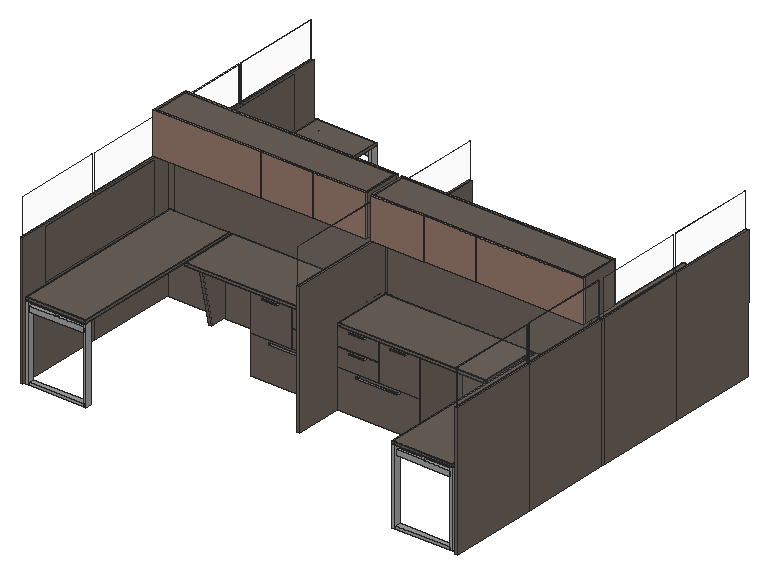
Revit family "OFS TYPICAL S200152", category Furniture, Revit 2022
Family settings
  OmniClass Number = 23.40.20.00
  OmniClass Title = General Furniture and Specialties
  Work Plane-Based = No
  Always vertical = Yes
  Cut with Voids When Loaded = No
  Render Appearance Source = Family Geometry
  Shared = No
  Room Calculation Point = No
Parameters (values of type "S200152")
  URL = "http://ofs.com/"
  Model = "S200152"
  Manufacturer = "OFS"
  Description = "OFS TYPICAL S200152"
  Default Elevation = 0' - 0"
  Copyright © = "©OFS 2024"
  Catalog = ""
  Authoring Version = "Autodesk Revit 2018"
  Assembly Code = "E2020200"
Reference planes (in)
  plane 1 "Center Front/Back": y = 0
  plane 2: z = 0
  plane 3 "Center Left/Right": x = 0
Dimensions and locks (in)
  nested 15 to nested 35 = 13' - 4"
  nested 48 to nested 5 = 11' - 1"
  aligned and locked: level to plane 2
Nested families (in)
  nested 1: "STAKS SUPPORT O LEG" at (-69.62465, -49.375, 0) x (0, 1, 0) z (0, 0, 1), type "STAKS SUPPORT O LEG 22"
  nested 2: "STAKS SUPPORT BASE - PANEL - WALL PANEL" at (-47, -2.62535, 0), type "STAKS SUPPORT WALL PANEL 28 X 12"
  nested 3: "STAKS 15H SHARED ORGANIZER WITH DOORS Two Doors Right" at (-66.80498, 7.83365, 1.5), type "STAKS 15H SHARED ORGANIZER WITH DOORS Two Doors Right 78in W"
    with Height Above Floor 5' - 2 1/2", 2D Symbol Lines yes
  nested 4: "STAKS BENCHING RECTANGULAR WORKSURFACES" at (-62.55498, 0.83365, 0), type "STAKS BENCHING RECTANGULAR WORKSURFACE 54 X 22"
  nested 5: "STAKS BENCHING RECTANGULAR WORKSURFACES" at (-79.83365, -74.55498, 0) x (0, 1, 0) z (0, 0, 1), type "STAKS BENCHING RECTANGULAR WORKSURFACE 66 X 22"
  nested 6: "STAKS WORKSURFACE HEIGHT MULTI FILE PEDESTAL - NO RISER SUPPORT" at (-36.91411, -23.62535, 0), type "STAKS WORKSURFACE HEIGHT MULTI FILE PEDESTAL 30 x 19 Left"
  nested 7: "STAKS SPINE OR DIVIDER WALL 48in" at (-81.83365, -41.55498, 0) x (0, 1, 0) z (0, 0, 1), type "STAKS SPINE OR DIVIDER WALL 48in X 33in"
    with Height Above Floor 4' - 0"
  nested 8: "STAKS SPINE OR DIVIDER WALL 48in" at (-87.55498, 1.83365, 0), type "STAKS SPINE OR DIVIDER WALL 48in X 40in"
    with Height Above Floor 4' - 0"
  nested 9: "STAKS DOUBLE SIDED FROSTED GLASS PRIVACY PANEL" at (-76.74965, -1, 1.875) x (0, 1, 0) z (0, 0, 1), type "STAKS DOUBLE SIDED FROSTED GLASS PRIVACY PANEL 32 x 13"
  nested 10: "STAKS DOUBLE SIDED FROSTED GLASS PRIVACY PANEL" at (2.75035, -4, 1.875) x (0, 1, 0) z (0, 0, 1), type "STAKS DOUBLE SIDED FROSTED GLASS PRIVACY PANEL 39 x 13"
  nested 11: "STAKS FABRIC TACKBOARD FOR SPINE OR DIVIDER WALL" at (-80.83365, -64.58943, 6.04026) x (0, 1, 0) z (0, 0, 1), type "STAKS FABRIC TACKBOARD FOR SPINE OR DIVIDER WALL 18H x 49-73.9375W"
    with Height Above Floor 3' - 5 1/2"
  nested 12: "STAKS FABRIC TACKBOARD FOR SPINE OR DIVIDER WALL" at (-83.55498, 0.83365, 5.66526), type "STAKS FABRIC TACKBOARD FOR SPINE OR DIVIDER WALL 18H x 74-96W"
    with Height Above Floor 3' - 5 1/2"
  nested 13: "STAKS BENCHING CANTILEVER WORKSURFACE BRACKET - MINI CONCEALED" at (-76.12465, 0.25, 0) x (0, 1, 0) z (0, 0, 1), type "STAKS CANTILEVER WORKSURFACE BRACKET - MINI CONCEALED"
  nested 14: "STAKS SPINE OR DIVIDER WALL 48in" at (-2.33365, 6.55498, 0) x (0, -1, 0) z (0, 0, 1), type "STAKS SPINE OR DIVIDER WALL 48in X 39in"
    with Height Above Floor 4' - 0"
  nested 15: "STAKS SPINE OR DIVIDER WALL 48in" at (-81.83365, -26.44502, 0) x (0, -1, 0) z (0, 0, 1), type "STAKS SPINE OR DIVIDER WALL 48in X 33in"
    with Height Above Floor 4' - 0"
  nested 16: "STAKS BENCHING CANTILEVER WORKSURFACE BRACKET - OPEN" at (-19.75, -3.87535, 0), type "CANTILEVER WORKSURFACE BRACKET - OPEN 22in"
  nested 17: "STAKS BENCHING PRESS FIT BRACKET" at (-40.87535, 16, 21) x (0, 1, 0) z (0, 0, 1), type "STAKS BENCHING PRESS FIT BRACKET"
  nested 18: "STAKS BENCHING CANTILEVER WORKSURFACE BRACKET - OPEN" at (-76.12465, -17.5, 0) x (0, 1, 0) z (0, 0, 1), type "CANTILEVER WORKSURFACE BRACKET - OPEN 22in"
  nested 19: "STAKS BENCHING PRESS FIT BRACKET" at (-65.12465, 16, 21) x (0, 1, 0) z (0, 0, 1), type "STAKS BENCHING PRESS FIT BRACKET"
  nested 20: "STAKS BENCHING PRESS FIT BRACKET" at (-12.87535, 16, 21) x (0, 1, 0) z (0, 0, 1), type "STAKS BENCHING PRESS FIT BRACKET"
  nested 21: "STAKS BENCHING CANTILEVER WORKSURFACE BRACKET - MINI CONCEALED" at (-76.12465, -68.25, 0) x (0, -1, 0) z (0, 0, 1), type "STAKS CANTILEVER WORKSURFACE BRACKET - MINI CONCEALED"
  nested 22: "STAKS DOUBLE SIDED FROSTED GLASS PRIVACY PANEL" at (-76.74965, -67, 1.875) x (0, -1, 0) z (0, 0, 1), type "STAKS DOUBLE SIDED FROSTED GLASS PRIVACY PANEL 32 x 13"
  nested 23: "STAKS SPINE OR DIVIDER WALL 48in" at (7.55498, 1.83365, 0) x (-1, 0, 0) z (0, 0, 1), type "STAKS SPINE OR DIVIDER WALL 48in X 40in"
    with Height Above Floor 4' - 0"
  nested 24: "STAKS SUPPORT O LEG" at (69.62465, -49.375, 0) x (0, 1, 0) z (0, 0, 1), type "STAKS SUPPORT O LEG 22"
  nested 25: "STAKS SUPPORT BASE - PANEL - WALL PANEL" at (47, -2.62535, 0) x (-1, 0, 0) z (0, 0, 1), type "STAKS SUPPORT WALL PANEL 28 X 12"
  nested 26: "STAKS BENCHING RECTANGULAR WORKSURFACES" at (62.55498, 0.83365, 0) x (-1, 0, 0) z (0, 0, 1), type "STAKS BENCHING RECTANGULAR WORKSURFACE 54 X 22"
  nested 27: "STAKS BENCHING RECTANGULAR WORKSURFACES" at (79.83365, -74.55498, 0) x (0, 1, 0) z (0, 0, 1), type "STAKS BENCHING RECTANGULAR WORKSURFACE 66 X 22"
  nested 28: "STAKS WORKSURFACE HEIGHT MULTI FILE PEDESTAL - NO RISER SUPPORT" at (36.91411, -23.62535, 0) x (-1, 0, 0) z (0, 0, 1), type "STAKS WORKSURFACE HEIGHT MULTI FILE PEDESTAL 30 x 19 Left"
  nested 29: "STAKS SPINE OR DIVIDER WALL 48in" at (81.83365, -41.55498, 0) x (0, 1, 0) z (0, 0, 1), type "STAKS SPINE OR DIVIDER WALL 48in X 33in"
    with Height Above Floor 4' - 0"
  nested 30: "STAKS SPINE OR DIVIDER WALL 48in" at (87.55498, 1.83365, 0) x (-1, 0, 0) z (0, 0, 1), type "STAKS SPINE OR DIVIDER WALL 48in X 40in"
    with Height Above Floor 4' - 0"
  nested 31: "STAKS DOUBLE SIDED FROSTED GLASS PRIVACY PANEL" at (76.74965, -1, 1.875) x (0, 1, 0) z (0, 0, 1), type "STAKS DOUBLE SIDED FROSTED GLASS PRIVACY PANEL 32 x 13"
  nested 32: "STAKS FABRIC TACKBOARD FOR SPINE OR DIVIDER WALL" at (80.83365, -64.58943, 6.04026) x (0, 1, 0) z (0, 0, 1), type "STAKS FABRIC TACKBOARD FOR SPINE OR DIVIDER WALL 18H x 49-73.9375W"
    with Height Above Floor 3' - 5 1/2"
  nested 33: "STAKS FABRIC TACKBOARD FOR SPINE OR DIVIDER WALL" at (83.55498, 0.83365, 5.66526) x (-1, 0, 0) z (0, 0, 1), type "STAKS FABRIC TACKBOARD FOR SPINE OR DIVIDER WALL 18H x 74-96W"
    with Height Above Floor 3' - 5 1/2"
  nested 34: "STAKS BENCHING CANTILEVER WORKSURFACE BRACKET - MINI CONCEALED" at (76.12465, 0.25, 0) x (0, 1, 0) z (0, 0, 1), type "STAKS CANTILEVER WORKSURFACE BRACKET - MINI CONCEALED"
  nested 35: "STAKS SPINE OR DIVIDER WALL 48in" at (81.83365, -26.44502, 0) x (0, -1, 0) z (0, 0, 1), type "STAKS SPINE OR DIVIDER WALL 48in X 33in"
    with Height Above Floor 4' - 0"
  nested 36: "STAKS BENCHING CANTILEVER WORKSURFACE BRACKET - OPEN" at (19.75, -3.87535, 0) x (-1, 0, 0) z (0, 0, 1), type "CANTILEVER WORKSURFACE BRACKET - OPEN 22in"
  nested 37: "STAKS BENCHING PRESS FIT BRACKET" at (40.87535, 16, 21) x (0, 1, 0) z (0, 0, 1), type "STAKS BENCHING PRESS FIT BRACKET"
  nested 38: "STAKS BENCHING CANTILEVER WORKSURFACE BRACKET - OPEN" at (76.12465, -17.5, 0) x (0, 1, 0) z (0, 0, 1), type "CANTILEVER WORKSURFACE BRACKET - OPEN 22in"
  nested 39: "STAKS BENCHING PRESS FIT BRACKET" at (65.12465, 16, 21) x (0, 1, 0) z (0, 0, 1), type "STAKS BENCHING PRESS FIT BRACKET"
  nested 40: "STAKS BENCHING PRESS FIT BRACKET" at (12.87535, 16, 21) x (0, 1, 0) z (0, 0, 1), type "STAKS BENCHING PRESS FIT BRACKET"
  nested 41: "STAKS BENCHING CANTILEVER WORKSURFACE BRACKET - MINI CONCEALED" at (76.12465, -68.25, 0) x (0, -1, 0) z (0, 0, 1), type "STAKS CANTILEVER WORKSURFACE BRACKET - MINI CONCEALED"
  nested 42: "STAKS DOUBLE SIDED FROSTED GLASS PRIVACY PANEL" at (76.74965, -67, 1.875) x (0, -1, 0) z (0, 0, 1), type "STAKS DOUBLE SIDED FROSTED GLASS PRIVACY PANEL 32 x 13"
  nested 43: "STAKS SPINE OR DIVIDER WALL 48in" at (-7.55498, 1.83365, 0), type "STAKS SPINE OR DIVIDER WALL 48in X 40in"
    with Height Above Floor 4' - 0"
  nested 44: "STAKS 15H SHARED ORGANIZER WITH DOORS Two Doors Right" at (66.80498, 7.83365, 1.5) x (-1, 0, 0) z (0, 0, 1), type "STAKS 15H SHARED ORGANIZER WITH DOORS Two Doors Right 78in W"
    with Height Above Floor 5' - 2 1/2", 2D Symbol Lines yes
  nested 45: "STAKS SUPPORT O LEG" at (-69.62465, 48.375, 0) x (0, -1, 0) z (0, 0, 1), type "STAKS SUPPORT O LEG 22"
  nested 46: "STAKS SUPPORT BASE - PANEL - WALL PANEL" at (-47, 1.62535, 0), type "STAKS SUPPORT WALL PANEL 28 X 12"
  nested 47: "STAKS BENCHING RECTANGULAR WORKSURFACES" at (-62.55498, -1.83365, 0), type "STAKS BENCHING RECTANGULAR WORKSURFACE 54 X 22"
  nested 48: "STAKS BENCHING RECTANGULAR WORKSURFACES" at (-79.83365, 73.55498, 0) x (0, -1, 0) z (0, 0, 1), type "STAKS BENCHING RECTANGULAR WORKSURFACE 66 X 22"
  nested 49: "STAKS WORKSURFACE HEIGHT MULTI FILE PEDESTAL - NO RISER SUPPORT" at (-36.91411, 22.62535, 0), type "STAKS WORKSURFACE HEIGHT MULTI FILE PEDESTAL 30 x 19 Left"
  nested 50: "STAKS SPINE OR DIVIDER WALL 48in" at (-81.83365, 40.55498, 0) x (0, -1, 0) z (0, 0, 1), type "STAKS SPINE OR DIVIDER WALL 48in X 33in"
    with Height Above Floor 4' - 0"
  nested 51: "STAKS DOUBLE SIDED FROSTED GLASS PRIVACY PANEL" at (-76.74965, 0, 1.875) x (0, -1, 0) z (0, 0, 1), type "STAKS DOUBLE SIDED FROSTED GLASS PRIVACY PANEL 32 x 13"
  nested 52: "STAKS DOUBLE SIDED FROSTED GLASS PRIVACY PANEL" at (2.75035, 3, 1.875) x (0, -1, 0) z (0, 0, 1), type "STAKS DOUBLE SIDED FROSTED GLASS PRIVACY PANEL 39 x 13"
  nested 53: "STAKS FABRIC TACKBOARD FOR SPINE OR DIVIDER WALL" at (-80.83365, 63.58943, 6.04026) x (0, -1, 0) z (0, 0, 1), type "STAKS FABRIC TACKBOARD FOR SPINE OR DIVIDER WALL 18H x 49-73.9375W"
    with Height Above Floor 3' - 5 1/2"
  nested 54: "STAKS BENCHING CANTILEVER WORKSURFACE BRACKET - MINI CONCEALED" at (-76.12465, -1.25, 0) x (0, -1, 0) z (0, 0, 1), type "STAKS CANTILEVER WORKSURFACE BRACKET - MINI CONCEALED"
  nested 55: "STAKS SPINE OR DIVIDER WALL 48in" at (-2.33365, -7.55498, 0) x (0, 1, 0) z (0, 0, 1), type "STAKS SPINE OR DIVIDER WALL 48in X 39in"
    with Height Above Floor 4' - 0"
  nested 56: "STAKS SPINE OR DIVIDER WALL 48in" at (-81.83365, 25.44502, 0) x (0, 1, 0) z (0, 0, 1), type "STAKS SPINE OR DIVIDER WALL 48in X 33in"
    with Height Above Floor 4' - 0"
  nested 57: "STAKS BENCHING CANTILEVER WORKSURFACE BRACKET - OPEN" at (-19.75, 2.87535, 0), type "CANTILEVER WORKSURFACE BRACKET - OPEN 22in"
  nested 58: "STAKS BENCHING CANTILEVER WORKSURFACE BRACKET - OPEN" at (-76.12465, 16.5, 0) x (0, -1, 0) z (0, 0, 1), type "CANTILEVER WORKSURFACE BRACKET - OPEN 22in"
  nested 59: "STAKS BENCHING CANTILEVER WORKSURFACE BRACKET - MINI CONCEALED" at (-76.12465, 67.25, 0) x (0, 1, 0) z (0, 0, 1), type "STAKS CANTILEVER WORKSURFACE BRACKET - MINI CONCEALED"
  nested 60: "STAKS DOUBLE SIDED FROSTED GLASS PRIVACY PANEL" at (-76.74965, 66, 1.875) x (0, 1, 0) z (0, 0, 1), type "STAKS DOUBLE SIDED FROSTED GLASS PRIVACY PANEL 32 x 13"
  nested 61: "STAKS SUPPORT O LEG" at (69.62465, 48.375, 0) x (0, -1, 0) z (0, 0, 1), type "STAKS SUPPORT O LEG 22"
  nested 62: "STAKS SUPPORT BASE - PANEL - WALL PANEL" at (47, 1.62535, 0) x (-1, 0, 0) z (0, 0, 1), type "STAKS SUPPORT WALL PANEL 28 X 12"
  nested 63: "STAKS BENCHING RECTANGULAR WORKSURFACES" at (62.55498, -1.83365, 0) x (-1, 0, 0) z (0, 0, 1), type "STAKS BENCHING RECTANGULAR WORKSURFACE 54 X 22"
  nested 64: "STAKS BENCHING RECTANGULAR WORKSURFACES" at (79.83365, 73.55498, 0) x (0, -1, 0) z (0, 0, 1), type "STAKS BENCHING RECTANGULAR WORKSURFACE 66 X 22"
  nested 65: "STAKS WORKSURFACE HEIGHT MULTI FILE PEDESTAL - NO RISER SUPPORT" at (36.91411, 22.62535, 0) x (-1, 0, 0) z (0, 0, 1), type "STAKS WORKSURFACE HEIGHT MULTI FILE PEDESTAL 30 x 19 Left"
  nested 66: "STAKS SPINE OR DIVIDER WALL 48in" at (81.83365, 40.55498, 0) x (0, -1, 0) z (0, 0, 1), type "STAKS SPINE OR DIVIDER WALL 48in X 33in"
    with Height Above Floor 4' - 0"
  nested 67: "STAKS DOUBLE SIDED FROSTED GLASS PRIVACY PANEL" at (76.74965, 0, 1.875) x (0, -1, 0) z (0, 0, 1), type "STAKS DOUBLE SIDED FROSTED GLASS PRIVACY PANEL 32 x 13"
  nested 68: "STAKS FABRIC TACKBOARD FOR SPINE OR DIVIDER WALL" at (80.83365, 63.58943, 6.04026) x (0, -1, 0) z (0, 0, 1), type "STAKS FABRIC TACKBOARD FOR SPINE OR DIVIDER WALL 18H x 49-73.9375W"
    with Height Above Floor 3' - 5 1/2"
  nested 69: "STAKS BENCHING CANTILEVER WORKSURFACE BRACKET - MINI CONCEALED" at (76.12465, -1.25, 0) x (0, -1, 0) z (0, 0, 1), type "STAKS CANTILEVER WORKSURFACE BRACKET - MINI CONCEALED"
  nested 70: "STAKS SPINE OR DIVIDER WALL 48in" at (81.83365, 25.44502, 0) x (0, 1, 0) z (0, 0, 1), type "STAKS SPINE OR DIVIDER WALL 48in X 33in"
    with Height Above Floor 4' - 0"
  nested 71: "STAKS BENCHING CANTILEVER WORKSURFACE BRACKET - OPEN" at (19.75, 2.87535, 0) x (-1, 0, 0) z (0, 0, 1), type "CANTILEVER WORKSURFACE BRACKET - OPEN 22in"
  nested 72: "STAKS BENCHING CANTILEVER WORKSURFACE BRACKET - OPEN" at (76.12465, 16.5, 0) x (0, -1, 0) z (0, 0, 1), type "CANTILEVER WORKSURFACE BRACKET - OPEN 22in"
  nested 73: "STAKS BENCHING CANTILEVER WORKSURFACE BRACKET - MINI CONCEALED" at (76.12465, 67.25, 0) x (0, 1, 0) z (0, 0, 1), type "STAKS CANTILEVER WORKSURFACE BRACKET - MINI CONCEALED"
  nested 74: "STAKS DOUBLE SIDED FROSTED GLASS PRIVACY PANEL" at (76.74965, 66, 1.875) x (0, 1, 0) z (0, 0, 1), type "STAKS DOUBLE SIDED FROSTED GLASS PRIVACY PANEL 32 x 13"
  nested 75: "STAKS FABRIC TACKBOARD FOR SPINE OR DIVIDER WALL" at (-83.55498, -1.83365, 5.66526), type "STAKS FABRIC TACKBOARD FOR SPINE OR DIVIDER WALL 18H x 74-96W"
    with Height Above Floor 3' - 5 1/2"
  nested 76: "STAKS FABRIC TACKBOARD FOR SPINE OR DIVIDER WALL" at (83.55498, -1.83365, 5.66526) x (-1, 0, 0) z (0, 0, 1), type "STAKS FABRIC TACKBOARD FOR SPINE OR DIVIDER WALL 18H x 74-96W"
    with Height Above Floor 3' - 5 1/2"
Definition of nested family "STAKS SUPPORT O LEG"
  Parameters (values of type "STAKS SUPPORT O LEG 36")
    URL = "http://www.ofs.com/"
    Width = 3' - 0"
    PANEL INSERT = no
    Model = "6-36OB1"
    Manufacturer = "OFS"
    Description = "OFS STAKS SUPPORT O LEG 36\" Width, Use with 36\"D Worksurface (set of two)"
    Default Elevation = 0' - 0"
    Copyright © = "© 2018 OFS"
    Catalog = "https://ofs.com/products/casegoods/private-office/staks"
    Authoring Version = "Autodesk Revit Architecture 2013"
    Assembly Code = "E2020200"
  Types (6): name | Width | PANEL INSERT | Model | Description
    STAKS SUPPORT O LEG 22 | 1' - 10" | no | "6-22OB2" | "OFS STAKS SUPPORT O LEG 22\" Width, Use with 22\"D Worksurface (set of two)"
    STAKS SUPPORT O LEG 30 | 2' - 6" | no | "6-30OB2" | "OFS STAKS SUPPORT O LEG 30\" Width, Use with 30\"D Worksurface (set of two)"
    STAKS SUPPORT O LEG 36 | 3' - 0" | no | "6-36OB1" | "OFS STAKS SUPPORT O LEG 36\" Width, Use with 36\"D Worksurface (set of two)"
    STAKS SUPPORT WITH PANEL INSERT O LEG 22 | 1' - 10" | yes | "6-22OBP2" | "OFS STAKS SUPPORT WITH PANEL INSERT O LEG 22\" Width, Use with 22\"D Worksurface (set of two)"
    STAKS SUPPORT WITH PANEL INSERT O LEG 30 | 2' - 6" | yes | "6-30OBP2" | "OFS STAKS SUPPORT WITH PANEL INSERT O LEG 30\" Width, Use with 30\"D Worksurface (set of two)"
    STAKS SUPPORT WITH PANEL INSERT O LEG 36 | 3' - 0" | yes | "6-36OBP1" | "OFS STAKS SUPPORT WITH PANEL INSERT O LEG 36\" Width, Use with 36\"D Worksurface (single base)"
  Reference planes (in)
    plane 1: z = 0
    plane 2 "Center (Front/Back)": y = -2.62465
    plane 3 "Center (Left/Right)": x = -17.5
    plane 4 "H LEG TOP": z = 27.875
    plane 5: x = -15.5
    plane 6: x = -13.5
    plane 7: y = -20.62465
    plane 8: y = 15.37535
    plane 9: z = 27.681
    plane 10: y = 14.37535
    plane 11: y = -19.62465
    plane 12: z = 26.306
    plane 13: z = 24.306
    plane 14 "CENTER": x = -16.5
    plane 15: z = 25.556
    plane 16: z = 0.25
    plane 17: y = -20.12465
    plane 18: y = 14.87535
    plane 19: y = -18.56165
    plane 20: y = 13.31235
  Forms (in)
    Extrusion 1, solid
      sketch origin (0, 0, 27.875) x (0, -1, 0) y (1, 0, 0)
        loop
          line (-15.37535, -15.5) -> (-15.37535, -17.5) -> (20.62465, -17.5) -> (20.62465, -15.5) -> (19.47015, -13.5) -> (-14.22085, -13.5) -> (-15.37535, -15.5)
      from -0.194 to 0
    Extrusion 2, solid
      sketch origin (0, 0, 27.875) x (0, -1, 0) y (1, 0, 0)
        loop
          line (-14.37535, -15.5) -> (-15.37535, -15.5) -> (-15.37535, -17.5) -> (-14.37535, -17.5) -> (-14.37535, -15.5)
      from -27.625 to -0.194
    Extrusion 3, solid
      sketch origin (0, 0, 27.875) x (0, -1, 0) y (1, 0, 0)
        loop
          line (19.62465, -17.5) -> (20.62465, -17.5) -> (20.62465, -15.5) -> (19.62465, -15.5) -> (19.62465, -17.5)
      from -27.625 to -0.194
    Extrusion 4, solid
      sketch origin (0.186, -1.24965, 0.5) x (1, 0, 0) y (0, 0, 1)
        loop
          line (-16.5, 25.806) -> (-17.5, 25.806) -> (-17.5, 23.806) -> (-16.5, 23.806) -> (-16.5, 25.806)
      from -15.625 to 18.375
    Revolve 5, solid
      sketch origin (-16.5, 0, 0) x (0, 1, 0) y (0, 0, 1)
        loop
          line (-20.12465, 0.25) -> (-20.37465, 0.25)
          arc (-20.37465, 0.25) -> (-20.49965, 0.125) -> (-20.37465, 0) r 0.125
          line (-20.37465, 0) -> (-20.12465, 0) -> (-20.12465, 0.25)
        axis (-20.12465, 0.25) -> (-20.12465, 0)
      angle from 0 to 360
    Revolve 6, solid
      sketch origin (-16.5, -5.2493, 0) x (0, -1, 0) y (0, 0, 1)
        loop
          line (-20.12465, 0.25) -> (-20.37465, 0.25)
          arc (-20.37465, 0.25) -> (-20.49965, 0.125) -> (-20.37465, 0) r 0.125
          line (-20.37465, 0) -> (-20.12465, 0) -> (-20.12465, 0.25)
        axis (-20.12465, 0.25) -> (-20.12465, 0)
      angle from 0 to 360
    Extrusion 7, solid
      sketch origin (0, 0, 27.875) x (0, -1, 0) y (1, 0, 0)
        loop
          line (3.21465, -16.6565) -> (2.03465, -16.6565) -> (2.03465, -16.9715) -> (3.21465, -16.9715) -> (3.21465, -16.6565)
      from -1.569 to -0.194
    Extrusion 8, solid
      sketch origin (0, -2.62465, 0) x (1, 0, 0) y (0, 0, 1)
        loop
          line (-15.5, 27.601) -> (-15.21046, 26.95067)
          arc (-15.21046, 26.95067) -> (-15.12453, 26.89491) -> (-15.03867, 26.95076) r 0.094
          line (-15.03867, 26.95076) -> (-14.75, 27.601) -> (-14.125, 27.601) -> (-14.125, 27.681) -> (-14.80201, 27.681) -> (-15.12453, 26.95451) -> (-15.44799, 27.681) -> (-16.125, 27.681) -> (-16.125, 27.601) -> (-15.5, 27.601)
      from -15.937 to 15.937
    Extrusion 9, solid
      sketch origin (8.306, -1.24965, 17.75) x (0, 0, 1) y (-1, 0, 0)
        loop
          line (-16.5, 25.806) -> (-17.5, 25.806) -> (-17.5, 23.806) -> (-16.5, 23.806) -> (-16.5, 25.806)
      from -15.625 to 18.375
    Extrusion 10, solid, visible <- "PANEL INSERT"
      sketch origin (-33, -1.24965, 0) x (-1, 0, 0) y (0, 0, -1)
        loop
          line (-15.75, -24.306) -> (-15.75, -1.25) -> (-16.5, -1.25) -> (-16.5, -24.306) -> (-15.75, -24.306)
      from -15.625 to 18.375
  Lines and regions (in)
    Masking region 1
      outline origin (0, 0, 27.875) x (0, -1, 0) y (1, 0, 0)
        loop
          line (20.62465, -15.5) -> (19.47015, -13.5) -> (-14.22085, -13.5) -> (-15.37535, -15.5) -> (-15.37535, -17.5) -> (20.62465, -17.5) -> (20.62465, -15.5)
    Masking region 2
      outline origin (0, 0, 27.875) x (0, -1, 0) y (1, 0, 0)
        loop
          line (-14.37535, -15.5) -> (-15.37535, -15.5) -> (-15.37535, -17.5) -> (-14.37535, -17.5) -> (-14.37535, -15.5)
    Masking region 3
      outline origin (0, 0, 27.875) x (0, -1, 0) y (1, 0, 0)
        loop
          line (20.62465, -15.5) -> (19.62465, -15.5) -> (19.62465, -17.5) -> (20.62465, -17.5) -> (20.62465, -15.5)
  Dimensions and locks (in)
    plane 3 "Center (Left/Right)" to plane 5 to plane 6 = 0' - 2" locked, 0' - 2" locked
    equal spacing: plane 7, plane 2 "Center (Front/Back)", plane 8
    "Width": plane 7 to plane 8
    locked: plane 4 "H LEG TOP" to plane 9 at 0.194
    locked: plane 9 to plane 12 at 1.375
    locked: plane 12 to plane 13 at 2
    locked: plane 9 to plane 15 at 2.125
    locked: plane 4 "H LEG TOP" to plane 1 at 27.875
    locked: plane 16 to plane 1 at 0.25
    plane 7 to plane 17 to plane 11 to plane 19 = 0' - 0 1/2" locked, 0' - 0 1/2" locked, 0' - 1.063" locked
    plane 20 to plane 10 to plane 18 to plane 8 = 0' - 1.063" locked, 0' - 0 1/2" locked, 0' - 0 1/2" locked
    aligned and locked: level to plane 1
    aligned and locked: plane 9 to Extrusion 1
    aligned and locked: Extrusion 1 to plane 4 "H LEG TOP"
    aligned and locked: Extrusion 1 to plane 8
    aligned and locked: plane 7 to Extrusion 1
    aligned and locked: Extrusion 1 sketch curve to plane 3 "Center (Left/Right)"
    aligned and locked: Extrusion 1 sketch curve to plane 8
    aligned and locked: Extrusion 1 sketch curve to plane 6
    aligned and locked: plane 7 to Extrusion 1 sketch curve
    aligned: Extrusion 3 to plane 1
    aligned and locked: Extrusion 3 to plane 9
    aligned and locked: Extrusion 2 to plane 9
    aligned: Extrusion 2 to plane 1
    aligned and locked: Extrusion 2 sketch curve to plane 8
    aligned and locked: plane 5 to Extrusion 2 sketch curve
    aligned and locked: Extrusion 2 sketch curve to plane 3 "Center (Left/Right)"
    aligned and locked: plane 10 to Extrusion 2 sketch curve
    aligned and locked: plane 7 to Extrusion 3 sketch curve
    aligned and locked: plane 5 to Extrusion 3 sketch curve
    aligned and locked: Extrusion 3 sketch curve to plane 11
    aligned and locked: Extrusion 3 sketch curve to plane 3 "Center (Left/Right)"
    aligned and locked: Extrusion 4 sketch curve to plane 12
    aligned and locked: plane 13 to Extrusion 4 sketch curve
    aligned: Extrusion 4 sketch curve to plane 3 "Center (Left/Right)"
    aligned: plane 14 "CENTER" to Extrusion 4 sketch curve
    aligned and locked: Extrusion 4 to plane 10
    aligned and locked: plane 11 to Extrusion 4
    aligned and locked: plane 16 to Extrusion 2
    aligned and locked: plane 16 to Extrusion 3
    aligned and locked: Revolve 5 sketch curve to plane 17
    aligned and locked: Revolve 5 sketch curve to plane 16
    aligned and locked: Extrusion 7 to plane 9
    aligned and locked: plane 12 to Extrusion 7
    aligned and locked: Extrusion 8 to plane 20
    aligned and locked: plane 19 to Extrusion 8
    aligned and locked: plane 11 to Extrusion 9
    aligned and locked: Extrusion 9 to plane 10
    aligned and locked: Extrusion 10 to plane 10
    aligned and locked: plane 11 to Extrusion 10
  Automatic sketch dimensions
    Extrusion 1 sketch curve to plane 5 = 0' - 0"  (x2)
    plane 10 to Extrusion 1 sketch curve = 0' - 0.1545"
    Extrusion 1 sketch curve to plane 11 = 0' - 0.1545"
    Masking region 1 sketch curve to plane 5 = 0' - 0"  (x2)
    plane 8 to Masking region 1 sketch curve = 0' - 0"
    Masking region 1 sketch curve to plane 6 = 0' - 0"
    plane 7 to Masking region 1 sketch curve = 0' - 0"
    Masking region 1 sketch curve to plane 3 "Center (Left/Right)" = 0' - 0"
    plane 10 to Masking region 1 sketch curve = 0' - 0.1545"
    Masking region 1 sketch curve to plane 11 = 0' - 0.1545"
    Masking region 2 sketch curve to plane 5 = 0' - 0"
    plane 8 to Masking region 2 sketch curve = 0' - 0"
    Masking region 2 sketch curve to plane 3 "Center (Left/Right)" = 0' - 0"
    plane 10 to Masking region 2 sketch curve = 0' - 0"
    Masking region 3 sketch curve to plane 5 = 0' - 0"
    plane 11 to Masking region 3 sketch curve = 0' - 0"
    Masking region 3 sketch curve to plane 3 "Center (Left/Right)" = 0' - 0"
    plane 7 to Masking region 3 sketch curve = 0' - 0"
    plane 3 "Center (Left/Right)" to Extrusion 4 sketch curve = 0' - 0.186"
    plane 14 "CENTER" to Extrusion 4 sketch curve = 0' - 0.186"
    Revolve 5 sketch curve to level = 0' - 0"  (x2)
    Revolve 5 sketch curve to plane 7 = 0' - 0 1/4"
    Revolve 5 sketch curve to plane 17 = 0' - 0"
    plane 16 to Revolve 5 sketch curve = 0' - 0"
    Revolve 6 sketch curve to level = 0' - 0"  (x2)
    plane 16 to Revolve 6 sketch curve = 0' - 0"  (x2)
    Revolve 6 sketch curve to plane 18 = 0' - 0"  (x2)
    Revolve 6 sketch curve to plane 8 = 0' - 0 1/4"
    Extrusion 7 sketch curve to plane 14 "CENTER" = 0' - 0.1565"
    Extrusion 7 sketch curve to plane 2 "Center (Front/Back)" = 0' - 0.59"
    Extrusion 7 sketch curve to plane 14 "CENTER" = 0' - 0.4715"
    plane 2 "Center (Front/Back)" to Extrusion 7 sketch curve = 0' - 0.59"
    Extrusion 8 sketch curve to plane 9 = 0' - 0"  (x2)
    Extrusion 8 sketch curve to plane 5 = 0' - 0"
    plane 5 to Extrusion 8 sketch curve = 0' - 0.28954"
    Extrusion 8 sketch curve to plane 12 = 0' - 0.64467"
    plane 14 "CENTER" to Extrusion 8 sketch curve = 0' - 0 3/8"
    plane 5 to Extrusion 8 sketch curve = 0' - 0.05201"
    Extrusion 8 sketch curve to Extrusion 8 sketch curve = 0' - 0 11/128"
    Extrusion 8 sketch curve to Extrusion 8 sketch curve = 0' - 0.08587"
    Extrusion 8 sketch curve to Extrusion 8 sketch curve = 0' - 0.64597"
    plane 9 to Extrusion 8 sketch curve = 0' - 0.08"
    Extrusion 8 sketch curve to Extrusion 8 sketch curve = 0' - 0.05201"
    Extrusion 8 sketch curve to plane 6 = 0' - 0 5/8"
    Extrusion 8 sketch curve to Extrusion 8 sketch curve = 0' - 0.00005"
    Extrusion 8 sketch curve to Extrusion 8 sketch curve = 0' - 0.00009"
    Extrusion 8 sketch curve to Extrusion 8 sketch curve = 0' - 0.03439"
    Extrusion 8 sketch curve to Extrusion 8 sketch curve = 0' - 0.08"
    Extrusion 9 sketch curve to plane 3 "Center (Left/Right)" = 0' - 0"
    Extrusion 9 sketch curve to plane 16 = 0' - 0"
    Extrusion 9 sketch curve to plane 5 = 0' - 0"
    Extrusion 9 sketch curve to Extrusion 9 sketch curve = 0' - 1"
    Extrusion 10 sketch curve to plane 13 = 0' - 0"
    Extrusion 10 sketch curve to plane 14 "CENTER" = 0' - 0"
    plane 3 "Center (Left/Right)" to Extrusion 10 sketch curve = 0' - 0 1/4"
    Extrusion 10 sketch curve to plane 16 = 0' - 1"
Definition of nested family "STAKS SUPPORT BASE - PANEL - WALL PANEL"
  Parameters (values of type "STAKS SUPPORT BASE 21 X 12")
    Width [instance] = 1' - 0"
    WALL SUPPORT = no
    URL = "http://www.ofs.com"
    SUPPORT PANEL = no
    SUPPORT BASE = yes
    Model = "6-2112SB"
    Manufacturer = "OFS"
    Height = 1' - 9 7/8"
    Description = "OFS STAKS SUPPORT BASE 21 X12, Base Supports 22\"D Worksurfaces"
    Depth = 1' - 0"
    Default Elevation = 0' - 0"
    Copyright © = "©OFS 2018"
    Catalog = "https://ofs.com/products/casegoods/private-office/staks"
    Authoring Version = "Autodesk Revit Architecture 2013"
    Assembly Code = "E2020200"
  Types (7): name | WALL SUPPORT | SUPPORT PANEL | SUPPORT BASE | Model | Height | Description | Depth
    STAKS SUPPORT PANEL 28 X 12 | no | yes | no | "6-2812SP" | 2' - 3 7/8" | "OFS STAKS SUPPORT PANEL 28 X 12, End Panel Supports 22\"D Worksurfaces" | 1' - 0"
    STAKS SUPPORT BASE 28 X 12 | no | no | yes | "6-2812SB" | 2' - 3 7/8" | "OFS STAKS SUPPORT BASE 28 X12, Base Supports 22\"D Worksurfaces" | 1' - 0"
    STAKS SUPPORT WALL PANEL 28 X 12 | yes | no | no | "6-2812SWPS" | 2' - 3 3/8" | "OFS STAKS SUPPORT WALL PANEL 28 X12, Provides Support for Worksurface in Conjunction with Cantilevers and Stabilizes Wall Panels" | 1' - 0"
    STAKS SUPPORT BASE 21 X 12 | no | no | yes | "6-2112SB" | 1' - 9 7/8" | "OFS STAKS SUPPORT BASE 21 X12, Base Supports 22\"D Worksurfaces" | 1' - 0"
    STAKS SUPPORT BASE 28 X 18 | no | no | yes | "6-2818SB" | 2' - 3 7/8" | "OFS STAKS SUPPORT BASE 28 X18, Base Supports 30\"D Worksurfaces" | 1' - 6"
    STAKS SUPPORT PANEL 21 X 12 | no | yes | no | "6-2112SP" | 1' - 9 7/8" | "OFS STAKS SUPPORT PANEL 21 X 12, End Panel Supports 22\"D Worksurfaces" | 1' - 0"
    STAKS SUPPORT PANEL 28 X 18 | no | yes | no | "6-2818SP" | 2' - 3 7/8" | "OFS STAKS SUPPORT PANEL 28 X 18, End Panel Supports 30\"D Worksurfaces" | 1' - 6"
  Reference planes (in)
    plane 1: z = 0
    plane 2 "Left": x = -12
    plane 3 "Back": y = 1.62535
    plane 4 "PANELL TOP": z = 21.875
    plane 5 "RIGHT": x = -11
    plane 6: y = -10.37465
    plane 7: y = 0.62535
    plane 8: x = -5.5
    plane 9: x = -17.5
  Forms (in)
    Extrusion 1, solid, visible <- "SUPPORT PANEL"
      sketch origin (-7.62535, -10.37465, -0.18015) x (1, 0, 0) y (0, 0, 1)
        loop
          line (-4.37465, 22.05515) -> (-4.37465, 0.18015) -> (-3.37465, 0.18015) -> (-3.37465, 22.05515) -> (-4.37465, 22.05515)
      from -12 to 0
    Extrusion 2, solid, visible <- "SUPPORT BASE"
      sketch origin (-5.5, 5, -0.18015) x (0, 1, 0) y (0, 0, 1)
        loop
          line (-4.37465, 22.05515) -> (-4.37465, 0.18015) -> (-3.37465, 0.18015) -> (-3.37465, 22.05515) -> (-4.37465, 22.05515)
      from -12 to 0
    Extrusion 3, solid, visible <- "SUPPORT BASE"
      sketch origin (3.37465, -10.37465, -0.18015) x (1, 0, 0) y (0, 0, 1)
        loop
          line (-15.37465, 22.05515) -> (-15.37465, 0.18015) -> (-14.37465, 0.18015) -> (-14.37465, 22.05515) -> (-15.37465, 22.05515)
      from -11 to 0
    Extrusion 4, solid, visible <- "WALL SUPPORT"
      sketch origin (-12, 0, 0) x (0, 1, 0) y (0, 0, 1)
        loop
          line (1.62535, 0) -> (1.62535, 20.375) -> (0.12535, 21.875) -> (-0.37465, 21.875) -> (-0.37465, 19.285) -> (-3.43765, 19.285) -> (-3.43765, 21.875) -> (-10.37465, 21.875) -> (-4.43765, 0) -> (1.62535, 0)
      from 0 to 1
  Lines and regions (in)
    Masking region 1, visible <- "SUPPORT PANEL"
      outline origin (-12.62535, -10.37465, 0) x (0, -1, 0) y (1, 0, 0)
        loop
          line (-12, 1.62535) -> (-12, 0.62535) -> (0, 0.62535) -> (0, 1.62535) -> (-12, 1.62535)
    Masking region 2, visible <- "SUPPORT BASE"
      outline origin (-5.5, 0, 0) x (1, 0, 0) y (0, 1, 0)
        loop
          line (-12, 1.62535) -> (-12, 0.62535) -> (0, 0.62535) -> (0, 1.62535) -> (-12, 1.62535)
    Masking region 3, visible <- "SUPPORT BASE"
      outline origin (-1.62535, -10.37465, 0) x (0, -1, 0) y (1, 0, 0)
        loop
          line (-11, -9.37465) -> (-11, -10.37465) -> (0, -10.37465) -> (0, -9.37465) -> (-11, -9.37465)
    Masking region 4, visible <- "WALL SUPPORT"
      outline origin (0, 0, 0) x (1, 0, 0) y (0, 1, 0)
        loop
          line (-11, 1.62535) -> (-12, 1.62535) -> (-12, -10.37465) -> (-11, -10.37465) -> (-11, 1.62535)
  Dimensions and locks (in)
    "Height": plane 4 "PANELL TOP" to plane 1
    locked: plane 2 "Left" to plane 5 "RIGHT" at 1
    "Depth": plane 6 to plane 3 "Back"
    locked: plane 7 to plane 3 "Back" at 1
    locked: plane 9 to plane 2 "Left" at 5.5
    locked: plane 5 "RIGHT" to plane 8 at 5.5
    "Width": plane 9 to plane 8
    aligned: Extrusion 1 to plane 2 "Left"
    aligned: Extrusion 1 to plane 1
    aligned and locked: level to plane 1
    aligned: Extrusion 1 to plane 4 "PANELL TOP"
    aligned: Extrusion 1 to plane 3 "Back"
    aligned and locked: plane 6 to Extrusion 1
    aligned and locked: plane 6 to Masking region 1
    aligned and locked: Extrusion 3 to plane 7
    aligned and locked: Masking region 3 to plane 7
    aligned and locked: plane 6 to Extrusion 3
    aligned and locked: plane 6 to Masking region 3
    aligned and locked: Extrusion 1 to plane 6  (x2)
    aligned and locked: plane 7 to Extrusion 2
    aligned and locked: plane 7 to Masking region 2
    aligned and locked: Masking region 2 to plane 3 "Back"
    aligned and locked: Extrusion 2 to plane 3 "Back"
    aligned and locked: Extrusion 1 to plane 3 "Back"
    aligned and locked: Masking region 1 to plane 3 "Back"
    aligned and locked: Extrusion 1 to plane 2 "Left"
    aligned and locked: plane 5 "RIGHT" to Extrusion 1
    aligned and locked: plane 8 to Masking region 2
    aligned and locked: plane 8 to Extrusion 2
    aligned and locked: Extrusion 2 to plane 9
    aligned and locked: Masking region 2 to plane 9
    aligned and locked: Extrusion 3 to plane 2 "Left"
    aligned and locked: plane 5 "RIGHT" to Extrusion 3
    aligned and locked: Masking region 3 to plane 2 "Left"
    aligned and locked: plane 5 "RIGHT" to Masking region 3
    aligned and locked: Extrusion 3 to plane 4 "PANELL TOP"
    aligned and locked: Extrusion 1 to plane 4 "PANELL TOP"
    aligned and locked: plane 4 "PANELL TOP" to Extrusion 2
    aligned and locked: plane 4 "PANELL TOP" to Extrusion 4 sketch curve
    aligned and locked: Extrusion 4 sketch curve to plane 4 "PANELL TOP"
    aligned and locked: Extrusion 4 sketch curve to plane 3 "Back"
    aligned and locked: Extrusion 4 sketch curve to plane 1
    aligned and locked: Extrusion 4 to plane 2 "Left"
    aligned and locked: plane 5 "RIGHT" to Extrusion 4
  Automatic sketch dimensions
    Extrusion 1 sketch curve to plane 2 "Left" = 0' - 0"
    Extrusion 1 sketch curve to level = 0' - 0"
    Extrusion 1 sketch curve to plane 5 "RIGHT" = 0' - 0"
    Extrusion 1 sketch curve to plane 4 "PANELL TOP" = 0' - 0"
    Masking region 1 sketch curve to plane 2 "Left" = 0' - 0"
    plane 3 "Back" to Masking region 1 sketch curve = 0' - 0"
    Masking region 1 sketch curve to plane 5 "RIGHT" = 0' - 0"
    plane 6 to Masking region 1 sketch curve = 0' - 0"
    Extrusion 2 sketch curve to plane 4 "PANELL TOP" = 0' - 0"
    Extrusion 2 sketch curve to plane 7 = 0' - 0"
    Extrusion 2 sketch curve to level = 0' - 0"
    Extrusion 2 sketch curve to plane 3 "Back" = 0' - 0"
    plane 7 to Masking region 2 sketch curve = 0' - 0"
    Masking region 2 sketch curve to plane 9 = 0' - 0"
    plane 3 "Back" to Masking region 2 sketch curve = 0' - 0"
    Masking region 2 sketch curve to plane 8 = 0' - 0"
    Extrusion 3 sketch curve to plane 2 "Left" = 0' - 0"
    Extrusion 3 sketch curve to level = 0' - 0"
    Extrusion 3 sketch curve to plane 5 "RIGHT" = 0' - 0"
    Extrusion 3 sketch curve to plane 4 "PANELL TOP" = 0' - 0"
    Masking region 3 sketch curve to plane 2 "Left" = 0' - 0"
    plane 7 to Masking region 3 sketch curve = 0' - 0"
    Masking region 3 sketch curve to plane 5 "RIGHT" = 0' - 0"
    plane 6 to Masking region 3 sketch curve = 0' - 0"
    Extrusion 4 sketch curve to plane 6 = 0' - 0"
    plane 7 to Extrusion 4 sketch curve = 0' - 1"
    Extrusion 4 sketch curve to plane 4 "PANELL TOP" = 0' - 2.59"
    plane 7 to Extrusion 4 sketch curve = 0' - 5.063"
    Extrusion 4 sketch curve to Extrusion 4 sketch curve = 0' - 3.063"
    Extrusion 4 sketch curve to Extrusion 4 sketch curve = 0' - 0 1/2"
    Extrusion 4 sketch curve to plane 4 "PANELL TOP" = 0' - 1 1/2"
    Masking region 4 sketch curve to plane 2 "Left" = 0' - 0"
    Masking region 4 sketch curve to plane 5 "RIGHT" = 0' - 0"
    plane 6 to Masking region 4 sketch curve = 0' - 0"
    plane 3 "Back" to Masking region 4 sketch curve = 0' - 0"
Definition of nested family "STAKS 15H SHARED ORGANIZER WITH DOORS Two Doors Right"
  Parameters (values of type "STAKS 15H SHARED ORGANIZER WITH DOORS Two Doors Right 54in W")
    URL = "http://www.ofs.com/"
    Height Above Floor [instance] = 5' - 2 1/2"
    Height = 1' - 3"
    Front Material = none
    Front Doors Material = none
    Depth = 1' - 2 1/2"
    Model = "6-5415RSORG4DC"
    Manufacturer = "OFS"
    Description = "OFS STAKS 15H SHARED ORGANIZER WITH DOORS 54\" Width, Two Doors on each Side, Aligned to the Right"
    Width = 4' - 6"
    Default Elevation = 0' - 0"
    Copyright © = "© 2018 OFS"
    Catalog = "https://ofs.com/products/casegoods/private-office/staks"
    Board Material = none
    Board Thickness = 0' - 0 3/4"
    Authoring Version = "Autodesk Revit Architecture 2013"
    Assembly Code = "E2020200"
    2D Symbol Lines [instance] = yes
  Types (6): name | Model | Description | Width
    STAKS 15H SHARED ORGANIZER WITH DOORS Two Doors Right 54in W | "6-5415RSORG4DC" | "OFS STAKS 15H SHARED ORGANIZER WITH DOORS 54\" Width, Two Doors on each Side, Aligned to the Right" | 4' - 6"
    STAKS 15H SHARED ORGANIZER WITH DOORS Two Doors Right 60in W | "6-6015RSORG4DC" | "OFS STAKS 15H SHARED ORGANIZER WITH DOORS 60\" Width, Two Doors on each Side, Aligned to the Right" | 5' - 0"
    STAKS 15H SHARED ORGANIZER WITH DOORS Two Doors Right 66in W | "6-6615RSORG4DC" | "OFS STAKS 15H SHARED ORGANIZER WITH DOORS 66\" Width, Two Doors on each Side, Aligned to the Right" | 5' - 6"
    STAKS 15H SHARED ORGANIZER WITH DOORS Two Doors Right 72in W | "6-7215RSORG4DC" | "OFS STAKS 15H SHARED ORGANIZER WITH DOORS 72\" Width, Two Doors on each Side, Aligned to the Right" | 6' - 0"
    STAKS 15H SHARED ORGANIZER WITH DOORS Two Doors Right 78in W | "6-7815RSORG4DC" | "OFS STAKS 15H SHARED ORGANIZER WITH DOORS 78\" Width, Two Doors on each Side, Aligned to the Right" | 6' - 6"
    STAKS 15H SHARED ORGANIZER WITH DOORS Two Doors Right 84in W | "6-8415RSORG4DC" | "OFS STAKS 15H SHARED ORGANIZER WITH DOORS 84\" Width, Two Doors on each Side, Aligned to the Right" | 7' - 0"
  Reference planes (in)
    plane 1: z = -0.125
    plane 2 "LEFT": x = 0.05498
    plane 3 "RIGHT": x = 54.05498
    plane 4 "BACK": y = -1.83365
    plane 5 "FRONT": y = -14.83365
    plane 6: x = 0.80498
    plane 7: x = 53.30498
    plane 8: z = 47.375
    plane 9 "SURFACE TOP": z = 62.375
    plane 10: z = 48.125
    plane 11: x = 27.05498
    plane 12: z = 61.625
    plane 13: y = -8.33365
    plane 14: y = -7.95865
    plane 15: y = -8.70865
    plane 16: x = 13.74248
    plane 17: x = 40.36748
    plane 18: x = 40.74248
    plane 19: x = 39.99248
    plane 20: x = 13.36748
    plane 21: x = 14.11748
    plane 22: y = -1.08365
    plane 23: y = -15.58365
    plane 24: x = 27.42998
    plane 25: x = 26.67998
    plane 26: x = 0.30498
    plane 27: x = 53.80498
    plane 28: x = 26.61748
    plane 29: x = 27.49248
    plane 30: x = 13.80498
    plane 31: x = 13.67998
    plane 32: x = 40.42998
    plane 33: x = 40.30498
  Forms (in)
    Extrusion 1, solid, material <- "Board Material"
      sketch origin (0, 0, 62.375) x (0, 1, 0) y (-1, 0, 0)
        loop
          line (-1.83365, -0.80498) -> (-14.83365, -0.80498) -> (-14.83365, -53.30498) -> (-1.83365, -53.30498) -> (-1.83365, -0.80498)
      from -14.25 to -15
    Extrusion 2, solid, material <- "Board Material"
      sketch origin (0, 0, 62.375) x (0, 1, 0) y (-1, 0, 0)
        loop
          line (-1.83365, -0.80498) -> (-1.83365, -0.05498) -> (-14.83365, -0.05498) -> (-14.83365, -0.80498) -> (-1.83365, -0.80498)
        loop
          line (-1.83365, -54.05498) -> (-1.83365, -53.30498) -> (-14.83365, -53.30498) -> (-14.83365, -54.05498) -> (-1.83365, -54.05498)
      from 0 to -15
    Extrusion 3, solid, material <- "Board Material"
      sketch origin (0, 0, 27.375) x (0, 1, 0) y (-1, 0, 0)
        loop
          line (-1.83365, -0.80498) -> (-14.83365, -0.80498) -> (-14.83365, -53.30498) -> (-1.83365, -53.30498) -> (-1.83365, -0.80498)
      from 35 to 34.25
    Extrusion 4, solid, material <- "Board Material"
      sketch origin (0, 0, 62.375) x (0, 1, 0) y (-1, 0, 0)
        loop
          line (-1.83365, -39.99248) -> (-14.83365, -39.99248) -> (-14.83365, -40.74248) -> (-1.83365, -40.74248) -> (-1.83365, -39.99248)
      from -0.75 to -14.25
    Extrusion 5, solid, material <- "Board Material"
      sketch origin (54.10996, 0, 62.375) x (0, 1, 0) y (-1, 0, 0)
        loop
          line (-1.83365, 39.99248) -> (-1.83365, 40.74248) -> (-14.83365, 40.74248) -> (-14.83365, 39.99248) -> (-1.83365, 39.99248)
      from -0.75 to -14.25
    Extrusion 6, solid, material <- "Front Material"
      sketch origin (-45.26558, 47.63816, -0.125) x (0, 1, 0) y (-1, 0, 0)
        loop
          line (-48.72181, -71.94556) -> (-49.47181, -71.94556) -> (-49.47181, -99.32056) -> (-48.72181, -99.32056) -> (-48.72181, -71.94556)
      from 62.5 to 47.5
    Extrusion 7, solid, material <- "Board Material"
      sketch origin (-13.3125, 0, 62.375) x (0, 1, 0) y (-1, 0, 0)
        loop
          line (-1.83365, -39.99248) -> (-14.83365, -39.99248) -> (-14.83365, -40.74248) -> (-1.83365, -40.74248) -> (-1.83365, -39.99248)
      from -0.75 to -14.25
    Extrusion 8, solid, material <- "Front Material"
      sketch origin (-113.26558, -64.30546, -0.125) x (0, -1, 0) y (1, 0, 0)
        loop
          line (-48.72181, 113.32056) -> (-48.72181, 140.69556) -> (-49.47181, 140.69556) -> (-49.47181, 113.32056) -> (-48.72181, 113.32056)
      from 62.5 to 47.5
    Extrusion 9, solid, material <- "Front Doors Material"
      sketch origin (5.26992, -17.27364, 57.875) x (0, 1, 0) y (-1, 0, 0)
        loop
          line (2.43998, -22.22256) -> (1.68998, -22.22256) -> (1.68998, -35.03506) -> (2.43998, -35.03506) -> (2.43998, -22.22256)
      from 4.5 to -10.5
    Extrusion 10, solid, material <- "Front Doors Material"
      sketch origin (18.51992, -17.27364, 57.875) x (0, 1, 0) y (-1, 0, 0)
        loop
          line (2.43998, -21.91006) -> (1.68998, -21.91006) -> (1.68998, -35.28506) -> (2.43998, -35.28506) -> (2.43998, -21.91006)
      from 4.5 to -10.5
    Extrusion 11, solid, material <- "Front Doors Material"
      sketch origin (-22.84342, 3.1519, 57.875) x (0, 1, 0) y (-1, 0, 0)
        loop
          line (-4.23555, -23.1484) -> (-4.98555, -23.1484) -> (-4.98555, -36.5234) -> (-4.23555, -36.5234) -> (-4.23555, -23.1484)
      from 4.5 to -10.5
    Extrusion 12, solid, material <- "Front Doors Material"
      sketch origin (-9.59342, 3.1519, 57.875) x (0, 1, 0) y (-1, 0, 0)
        loop
          line (-4.23555, -23.3984) -> (-4.98555, -23.3984) -> (-4.98555, -36.2109) -> (-4.23555, -36.2109) -> (-4.23555, -23.3984)
      from 4.5 to -10.5
  Lines and regions (in)
    symbolic lines, visible <- "2D Symbol Lines"
      curve 1: arc (13.67998, -1.08365, 62.375) -> (13.47678, 1.23889, 62.375) -> (12.87337, 3.49087, 62.375) r 13.375
      curve 2: arc (13.80498, -1.08365, 62.375) -> (13.99963, 1.14121, 62.375) -> (14.57767, 3.29848, 62.375) r 12.8125
      curve 3: arc (40.30498, -15.58365, 62.375) -> (40.11033, -17.80852, 62.375) -> (39.53229, -19.96579, 62.375) r 12.8125
      curve 4: arc (40.42998, -15.58365, 62.375) -> (40.63318, -17.9062, 62.375) -> (41.23659, -20.15817, 62.375) r 13.375
      curve 5: line (41.23659, -20.15817, 62.375) -> (53.80498, -15.58365, 62.375)
      curve 6: line (39.53229, -19.96579, 62.375) -> (27.49248, -15.58365, 62.375)
      curve 7: line (12.87337, 3.49087, 62.375) -> (0.30498, -1.08365, 62.375)
      curve 8: line (26.61748, -1.08365, 62.375) -> (14.57767, 3.29848, 62.375)
  Dimensions and locks (in)
    "Width": plane 2 "LEFT" to plane 3 "RIGHT"
    "Height": plane 9 "SURFACE TOP" to plane 8
    "Board Thickness": plane 2 "LEFT" to plane 6
    "Board Thickness": plane 7 to plane 3 "RIGHT"
    "Height Above Floor": plane 9 "SURFACE TOP" to level
    "Board Thickness": plane 10 to plane 8
    equal spacing: plane 2 "LEFT", plane 11, plane 3 "RIGHT"
    "Board Thickness": plane 9 "SURFACE TOP" to plane 12
    equal spacing: plane 4 "BACK", plane 13, plane 5 "FRONT"
    equal spacing: plane 14, plane 13, plane 15
    "Board Thickness": plane 14 to plane 15
    equal spacing: plane 19, plane 17, plane 18
    "Board Thickness": plane 19 to plane 18
    equal spacing: plane 21, plane 16, plane 20
    "Board Thickness": plane 21 to plane 20
    locked: plane 5 "FRONT" to plane 23 at 0.75
    locked: plane 22 to plane 4 "BACK" at 0.75
    "Depth": plane 22 to plane 23
    equal spacing: plane 25, plane 11, plane 24
    "Board Thickness": plane 25 to plane 24
    equal spacing: plane 6, plane 16, plane 25
    equal spacing: plane 24, plane 17, plane 7
    locked: plane 2 "LEFT" to plane 26 at 0.25
    locked: plane 27 to plane 3 "RIGHT" at 0.25
    locked: plane 24 to plane 29 at 0.0625
    locked: plane 28 to plane 25 at 0.0625
    plane 31 to plane 16 to plane 30 = 0' - 0 1/16" locked, 0' - 0 1/16" locked
    plane 33 to plane 17 to plane 32 = 0' - 0 1/16" locked, 0' - 0 1/16" locked
    aligned: level to plane 1
    aligned and locked: Extrusion 1 sketch curve to plane 4 "BACK"
    aligned and locked: plane 6 to Extrusion 1 sketch curve
    aligned and locked: plane 5 "FRONT" to Extrusion 1 sketch curve
    aligned and locked: Extrusion 1 sketch curve to plane 7
    aligned and locked: Extrusion 1 to plane 8
    aligned and locked: plane 10 to Extrusion 1
    aligned and locked: Extrusion 1 to Extrusion 2 sketch curve  (x2)
    aligned and locked: Extrusion 2 sketch curve to Extrusion 1  (x2)
    aligned and locked: Extrusion 2 sketch curve to plane 5 "FRONT"
    aligned and locked: Extrusion 2 sketch curve to plane 2 "LEFT"
    aligned and locked: plane 4 "BACK" to Extrusion 2 sketch curve
    aligned and locked: plane 3 "RIGHT" to Extrusion 2 sketch curve
    aligned and locked: Extrusion 2 to plane 8
    aligned and locked: plane 9 "SURFACE TOP" to Extrusion 2
    aligned and locked: plane 9 "SURFACE TOP" to Extrusion 3
    aligned and locked: Extrusion 3 to plane 12
    aligned and locked: plane 4 "BACK" to Extrusion 3
    aligned and locked: Extrusion 3 to plane 5 "FRONT"
    aligned and locked: Extrusion 3 to plane 6
    aligned and locked: plane 7 to Extrusion 3
    aligned and locked: plane 5 "FRONT" to Extrusion 4 sketch curve
    aligned and locked: Extrusion 5 to plane 20
    aligned and locked: Extrusion 5 to plane 21
    aligned and locked: Extrusion 5 to plane 5 "FRONT"
    aligned and locked: Extrusion 5 to plane 10
    aligned and locked: plane 12 to Extrusion 5
    aligned and locked: Extrusion 6 to plane 8
    aligned and locked: plane 9 "SURFACE TOP" to Extrusion 6
    aligned and locked: plane 3 "RIGHT" to Extrusion 6
    aligned and locked: plane 4 "BACK" to Extrusion 6
    aligned and locked: Extrusion 6 to plane 22
    aligned and locked: Extrusion 7 to plane 25  (x3)
    aligned and locked: Extrusion 7 to plane 24
    aligned and locked: Extrusion 7 to plane 5 "FRONT"
    aligned and locked: plane 12 to Extrusion 7
    aligned and locked: Extrusion 7 to plane 10
    aligned and locked: Extrusion 8 to plane 2 "LEFT"
    aligned and locked: Extrusion 8 to plane 8
    aligned and locked: plane 24 to Extrusion 8
    aligned and locked: Extrusion 6 to plane 25
    aligned and locked: plane 27 to Extrusion 10
    aligned and locked: Extrusion 10 to plane 32
    aligned and locked: Extrusion 9 to plane 33
    aligned and locked: plane 29 to Extrusion 9
    aligned and locked: Extrusion 11 to plane 26
    aligned and locked: Extrusion 12 to plane 30
    aligned and locked: Extrusion 11 to plane 31
    aligned and locked: plane 28 to Extrusion 12
    aligned and locked: Extrusion 12 to plane 4 "BACK"
    aligned and locked: Extrusion 11 to plane 4 "BACK"
    aligned and locked: plane 22 to Extrusion 12
    aligned and locked: plane 22 to Extrusion 11
    aligned and locked: plane 5 "FRONT" to Extrusion 10
    aligned and locked: plane 5 "FRONT" to Extrusion 9
    aligned and locked: Extrusion 9 to plane 23
    aligned and locked: Extrusion 10 to plane 23
    aligned and locked: plane 9 "SURFACE TOP" to Extrusion 11
    aligned and locked: plane 9 "SURFACE TOP" to Extrusion 12
    aligned and locked: plane 9 "SURFACE TOP" to Extrusion 9
    aligned and locked: plane 9 "SURFACE TOP" to Extrusion 10
    aligned and locked: Extrusion 10 to plane 8
    aligned and locked: Extrusion 9 to plane 8
    aligned and locked: Extrusion 12 to plane 8
    aligned and locked: Extrusion 11 to plane 8
    aligned and locked: plane 4 "BACK" to Extrusion 4
    aligned and locked: plane 4 "BACK" to Extrusion 7
    aligned and locked: plane 4 "BACK" to Extrusion 5
  Automatic sketch dimensions
    Extrusion 3 sketch curve to plane 5 "FRONT" = 0' - 0"
    Extrusion 3 sketch curve to plane 4 "BACK" = 0' - 0"
    Extrusion 3 sketch curve to plane 7 = 0' - 0"
    Extrusion 3 sketch curve to plane 6 = 0' - 0"
    Extrusion 4 sketch curve to plane 18 = 0' - 0"
    Extrusion 4 sketch curve to plane 19 = 0' - 0"
    Extrusion 5 sketch curve to plane 5 "FRONT" = 0' - 0"
    Extrusion 5 sketch curve to plane 15 = 0' - 6 7/8"
    Extrusion 5 sketch curve to plane 20 = 0' - 0"
    Extrusion 5 sketch curve to plane 21 = 0' - 0"
    Extrusion 6 sketch curve to plane 4 "BACK" = 0' - 0"
    Extrusion 6 sketch curve to plane 22 = 0' - 0"
    Extrusion 6 sketch curve to plane 3 "RIGHT" = 0' - 0"
    Extrusion 6 sketch curve to plane 25 = 0' - 0"
    Extrusion 7 sketch curve to plane 5 "FRONT" = 0' - 0"
    plane 15 to Extrusion 7 sketch curve = 0' - 6 7/8"
    Extrusion 7 sketch curve to plane 24 = 0' - 0"
    Extrusion 7 sketch curve to plane 25 = 0' - 0"
    Extrusion 8 sketch curve to plane 2 "LEFT" = 0' - 0"
    Extrusion 8 sketch curve to plane 5 "FRONT" = 0' - 0"
    Extrusion 8 sketch curve to plane 23 = 0' - 0"
    Extrusion 8 sketch curve to plane 24 = 0' - 0"
    Extrusion 9 sketch curve to plane 29 = 0' - 0"
    Extrusion 9 sketch curve to plane 23 = 0' - 0"
    plane 18 to Extrusion 9 sketch curve = 0' - 0 7/16"
    Extrusion 9 sketch curve to Extrusion 9 sketch curve = 0' - 0 3/4"
    plane 18 to Extrusion 10 sketch curve = 0' - 0 5/16"
    Extrusion 10 sketch curve to plane 23 = 0' - 0"
    Extrusion 10 sketch curve to plane 3 "RIGHT" = 0' - 0 1/4"
    Extrusion 10 sketch curve to Extrusion 10 sketch curve = 0' - 0 3/4"
    Extrusion 11 sketch curve to plane 26 = 0' - 0"
    Extrusion 11 sketch curve to plane 22 = 0' - 0 3/4"
    plane 31 to Extrusion 11 sketch curve = 0' - 0"
    Extrusion 11 sketch curve to Extrusion 11 sketch curve = 0' - 0 3/4"
    plane 20 to Extrusion 12 sketch curve = 0' - 0 7/16"
    Extrusion 12 sketch curve to plane 22 = 0' - 0 3/4"
    Extrusion 12 sketch curve to plane 25 = 0' - 0 1/16"
    Extrusion 12 sketch curve to Extrusion 12 sketch curve = 0' - 0 3/4"
    curve 5 to plane 18 = 0' - 0.49411"
    curve 5 to plane 23 = 0' - 4.57452"
    curve 6 to plane 19 = 0' - 0.46019"
    curve 4 to plane 23 = 0' - 0"
    curve 3 to plane 23 = 0' - 0"
    curve 5 to plane 23 = 0' - 0"
    curve 6 to plane 23 = 0' - 0"
    curve 8 to plane 22 = 0' - 0"
    curve 2 to plane 22 = 0' - 0"
    curve 1 to plane 22 = 0' - 0"
    curve 7 to plane 22 = 0' - 0"
    curve 4 to plane 27 = 0' - 0"
    curve 5 to plane 27 = 0' - 0"
    curve 3 to plane 33 = 0' - 0"
    curve 6 to plane 29 = 0' - 0"
    curve 3 to plane 29 = 0' - 0"
    curve 2 to plane 28 = 0' - 0"
    curve 8 to plane 28 = 0' - 0"
    curve 2 to plane 30 = 0' - 0"
    curve 1 to plane 31 = 0' - 0"
    curve 1 to plane 26 = 0' - 0"
    curve 7 to plane 26 = 0' - 0"
    curve 8 to plane 21 = 0' - 0.46019"
    curve 8 to curve 1 = 0' - 0.19239"
    plane 15 to Extrusion 4 sketch curve = 0' - 6 7/8"
Definition of nested family "STAKS BENCHING RECTANGULAR WORKSURFACES"
  Parameters (values of type "STAKS BENCHING RECTANGULAR WORKSURFACE 48 X 22")
    URL = "https://www.ofs.com/"
    SURFACE DEPTH = 1' - 10"
    Model = "6-MCT-48/22"
    Manufacturer = "OFS"
    Description = "OFS STAKS BENCHING 48 X 22 RECTANGULAR WORKSURFACE"
    SURFACE WIDTH = 4' - 0"
    Default Elevation = 0' - 0"
    Copyright © = "© 2018 OFS"
    Catalog = "https://ofs.com/products/open-plan/benching/staks"
    Authoring Version = "Autodesk Revit Architecture 2013"
    Assembly Code = "E2020200"
  Types (21): name | SURFACE DEPTH | Model | Description | SURFACE WIDTH
    STAKS BENCHING RECTANGULAR WORKSURFACE 48 X 22 | 1' - 10" | "6-MCT-48/22" | "OFS STAKS BENCHING 48 X 22 RECTANGULAR WORKSURFACE" | 4' - 0"
    STAKS BENCHING RECTANGULAR WORKSURFACE 60 X 22 | 1' - 10" | "6-MCT-60/22" | "OFS STAKS BENCHING 60 X 22 RECTANGULAR WORKSURFACE" | 5' - 0"
    STAKS BENCHING RECTANGULAR WORKSURFACE 72 X 22 | 1' - 10" | "6-MCT-72/22" | "OFS STAKS BENCHING 72 X 22 RECTANGULAR WORKSURFACE" | 6' - 0"
    STAKS BENCHING RECTANGULAR WORKSURFACE 60 X 36 | 3' - 0" | "6-MCT-60/36" | "OFS STAKS BENCHING 60 X 36 RECTANGULAR WORKSURFACE" | 5' - 0"
    STAKS BENCHING RECTANGULAR WORKSURFACE 72 X 36 | 3' - 0" | "6-MCT-72/36" | "OFS STAKS BENCHING 72 X 36 RECTANGULAR WORKSURFACE" | 6' - 0"
    STAKS BENCHING RECTANGULAR WORKSURFACE 60 X 30 | 2' - 6" | "6-MCT-60/30" | "OFS STAKS BENCHING 60 X 30 RECTANGULAR WORKSURFACE" | 5' - 0"
    STAKS BENCHING RECTANGULAR WORKSURFACE 72 X 30 | 2' - 6" | "6-MCT-72/30" | "OFS STAKS BENCHING 72 X 30 RECTANGULAR WORKSURFACE" | 6' - 0"
    STAKS BENCHING RECTANGULAR WORKSURFACE 48 X 30 | 2' - 6" | "6-MCT-48/30" | "OFS STAKS BENCHING 48 X 30 RECTANGULAR WORKSURFACE" | 4' - 0"
    STAKS BENCHING RECTANGULAR WORKSURFACE 48 X 36 | 3' - 0" | "6-MCT-48/36" | "OFS STAKS BENCHING 48 X 36 RECTANGULAR WORKSURFACE" | 4' - 0"
    STAKS BENCHING RECTANGULAR WORKSURFACE 54 X 22 | 1' - 10" | "6-MCT-54/22" | "OFS STAKS BENCHING 54 X 22 RECTANGULAR WORKSURFACE" | 4' - 6"
    STAKS BENCHING RECTANGULAR WORKSURFACE 66 X 22 | 1' - 10" | "6-MCT-66/22" | "OFS STAKS BENCHING 66 X 22 RECTANGULAR WORKSURFACE" | 5' - 6"
    STAKS BENCHING RECTANGULAR WORKSURFACE 78 X 22 | 1' - 10" | "6-MCT-78/22" | "OFS STAKS BENCHING 78 X 22 RECTANGULAR WORKSURFACE" | 6' - 6"
    STAKS BENCHING RECTANGULAR WORKSURFACE 84 X 22 | 1' - 10" | "6-MCT-84/22" | "OFS STAKS BENCHING 84 X 22 RECTANGULAR WORKSURFACE" | 7' - 0"
    STAKS BENCHING RECTANGULAR WORKSURFACE 54 X 30 | 2' - 6" | "6-MCT-54/30" | "OFS STAKS BENCHING 54 X 30 RECTANGULAR WORKSURFACE" | 4' - 6"
    STAKS BENCHING RECTANGULAR WORKSURFACE 66 X 30 | 2' - 6" | "6-MCT-66/30" | "OFS STAKS BENCHING 66 X 30 RECTANGULAR WORKSURFACE" | 5' - 6"
    STAKS BENCHING RECTANGULAR WORKSURFACE 78 X 30 | 2' - 6" | "6-MCT-78/30" | "OFS STAKS BENCHING 78 X 30 RECTANGULAR WORKSURFACE" | 6' - 6"
    STAKS BENCHING RECTANGULAR WORKSURFACE 84 X 30 | 2' - 6" | "6-MCT-84/30" | "OFS STAKS BENCHING 84 X 30 RECTANGULAR WORKSURFACE" | 7' - 0"
    STAKS BENCHING RECTANGULAR WORKSURFACE 54 X 36 | 3' - 0" | "6-MCT-54/36" | "OFS STAKS BENCHING 54 X 36 RECTANGULAR WORKSURFACE" | 4' - 6"
    STAKS BENCHING RECTANGULAR WORKSURFACE 66 X 36 | 3' - 0" | "6-MCT-66/36" | "OFS STAKS BENCHING 66 X 36 RECTANGULAR WORKSURFACE" | 5' - 6"
    STAKS BENCHING RECTANGULAR WORKSURFACE 78 X 36 | 3' - 0" | "6-MCT-78/36" | "OFS STAKS BENCHING 78 X 36 RECTANGULAR WORKSURFACE" | 6' - 6"
    STAKS BENCHING RECTANGULAR WORKSURFACE 84 X 36 | 3' - 0" | "6-MCT-84/36" | "OFS STAKS BENCHING 84 X 36 RECTANGULAR WORKSURFACE" | 6' - 6"
  Reference planes (in)
    plane 1: z = -0.125
    plane 2 "LEFT": x = 7.55498
    plane 3 "RIGHT": x = 55.55498
    plane 4 "BACK": y = -1.83365
    plane 5 "FRONT": y = -23.83365
    plane 6: x = 7.67998
    plane 7: x = 55.42998
    plane 8: y = -1.95865
    plane 9: y = -23.70865
    plane 10: z = 27.75
    plane 11 "SURFACE TOP": z = 28.875
  Forms (in)
    Extrusion 1, solid
      sketch origin (0, 0, 17.125) x (-1, 0, 0) y (0, -1, 0)
        loop
          line (-7.67998, 1.95865) -> (-7.67998, 23.70865) -> (-55.42998, 23.70865) -> (-55.42998, 1.95865) -> (-7.67998, 1.95865)
      from 11.75 to 10.625
    Sweep 2, solid
      path origin (0, 0, 28.875) x (0, 1, 0) y (-1, 0, 0)
        loop
          line (-23.83365, -7.55498) -> (-23.83365, -55.55498) -> (-1.83365, -55.55498) -> (-1.83365, -7.55498) -> (-23.83365, -7.55498)
      profile origin (31.55498, -23.83365, 28.875) x (0, 1, 0) y (0, 0, 1)
        loop
          arc (0.125, 0) -> (0.03661, -0.03661) -> (0, -0.125) r 0.125
          line (0, -0.125) -> (0, -1)
          arc (0, -1) -> (0.03661, -1.08839) -> (0.125, -1.125) r 0.125
          line (0.125, -1.125) -> (0.125, 0)
